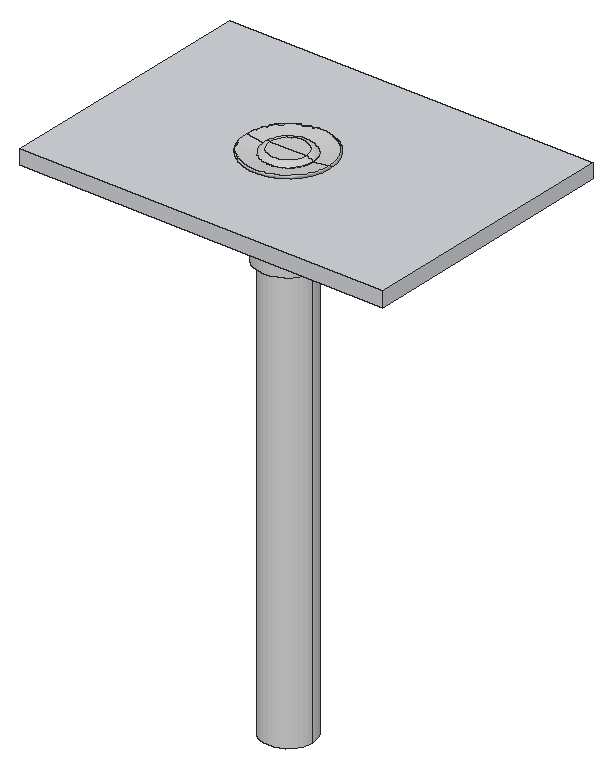
Revit family "23-DESAGUE PUSH PLAST CON REBOSE", category Aparatos sanitarios, Revit 2018
Family settings
  Anfitrión = Cara
  Cota de conector redondo = Diámetro de uso
  Tipo de pieza = Normal
  Número OmniClass = 23.45.55.21
  Título OmniClass = Drains (Wastes)
  Corte con vacíos al cargar = No
  Compartido = No
  Punto de cálculo de habitación = No
Parameters
  Vida útil unidad = ""
  Vida útil = ""
  URL = ""
  Tráfico = "Residencial"
  Tipo de Activo = "Fijo"
  Tamaño = "55 x 31 x 345"
  Responsable Garantías Partes = "www.corona.com.co"
  Requerimientos Accesibilidad = "Manual"
  Presión mínima = ""
  Presión Máxima = ""
  Número Modelo = "935415551"
  Nombre del Fabricante = "Corona"
  Nombre = "Desagüe largo con rebose"
  Model = ""
  Material de Fabricación = "Plástico"
  Material Acabado = Cromo-Corona
  Logitud Nominal = 55
  Información del producto = "https://www.grival.com/soluciones-para-agua/desagues-y-sifones/desagues-con-rebose/desague-push-plastico-con-rebose/"
  Forma = "Cilíndrica"
  Fabricante = "www.corona.com.co"
  Default Elevation = 0 mm
  Diámetro de conexión entrada = ""
  Diámetro de conexión Sanitaria = 0 mm
  Descripción IFC = "Desagüe largo plástico con rebose"
  Descripción = "Plumbing Fixtures"
  Código de montaje = "D2010"
  Cumplimiento de Norma = ""
  Consumo de agua = ""
  Color = "Cromo"
  Caudal = ""
  Características = "Permite drenar rápidamente el agua. fácil instalación y mantenimiento, resistente a la corrosión"
  Ancho Nominal = 31
  Altura Nominal = 345
  Acabado = "Brillante"
Reference planes
  plane 1 "Center (Front/Back)": y = 0
  plane 2: z = 0
  plane 3 "Center (Left/Right)": x = 0
  plane 4: x = 0
  plane 5 "conexiones": z = -344.908
Forms (mm)
  Extrusion 1, solid
    sketch origin (0, 0, 0) x (1, 0, 0) y (0, 1, 0)
      loop
        line (-110.723, 90) -> (-110.723, -83.811) -> (129.852, -83.811) -> (129.852, 90) -> (-110.723, 90)
    from 0 to -9.713
  Revolve 2, solid, material "Cromo-Corona", detail levels medium+fine
    sketch origin (0, 0, 0) x (1, 0, 0) y (0, 0, 1)
      loop
        line (-27.349, -0.102) -> (-21.408, -1.694)
        arc (-21.408, -1.694) -> (-20.534, -2.237) -> (-20.107, -3.172) r 1.776
        line (-20.107, -3.172) -> (-20.107, -63.172) -> (-16.29, -64.808) -> (-16.29, -344.908) -> (0, -344.908) -> (0, 2.176) -> (-12.068, 2.176)
        arc (-12.068, 2.176) -> (-14.443, 1.6) -> (-16.29, 0) r 5.183
        line (-16.29, 0) -> (-27.429, 1.566)
        arc (-27.429, 1.566) -> (-27.998, 0.702) -> (-27.349, -0.102) r 0.877
      axis (0, 2.176) -> (0, -344.908)
    angle from 0 to 360
  Revolve 3, solid, material "Caucho Corona", detail levels medium+fine
    sketch origin (0, 0, -5.625) x (1, 0, 0) y (0, 0, 1)
      loop
        arc (-20.083, -18.098) -> (-23.908, -19.165) -> (-26.169, -22.429) r 5.847
        arc (-26.169, -22.429) -> (-26.421, -23.036) -> (-27.028, -23.287) r 0.859
        line (-27.028, -23.287) -> (-30.083, -23.287) -> (-30.083, -26.721) -> (-20.083, -26.721) -> (-20.083, -18.098)
      axis (0, -18.098) -> (0, -26.721)
    angle from 0 to 360
  Revolve 4, solid, material "Caucho Corona", detail levels medium+fine
    sketch origin (0, 0, 6.875) x (1, 0, 0) y (0, 0, 1)
      loop
        line (-20.148, -11.359) -> (-28.272, -11.359) -> (-28.272, -14.437) -> (-20.148, -14.437) -> (-20.148, -11.359)
      axis (0, -11.359) -> (0, -14.437)
    angle from 0 to 360
  Revolve 5, solid, material "Cromo-Corona", detail levels medium+fine
    sketch origin (0, 0, 0) x (1, 0, 0) y (0, 0, 1)
      loop
        line (-20.112, -33.175) -> (-29.247, -33.175)
        arc (-29.247, -33.175) -> (-31.925, -35.853) -> (-29.247, -38.531) r 2.678
        line (-29.247, -38.531) -> (-24.204, -38.531) -> (-24.204, -46.783)
        arc (-24.204, -46.783) -> (-23.549, -48.363) -> (-21.969, -49.018) r 2.235
        line (-21.969, -49.018) -> (-20.112, -49.018) -> (-20.112, -33.175)
      axis (0, -33.175) -> (0, -49.018)
    angle from 0 to 360
  Extrusion 6, solid, material "Cromo-Corona", detail levels medium+fine
    sketch origin (0, 0, 0) x (1, 0, 0) y (0, 0, 1)
      loop
        line (-27.809, -38.587) -> (-27.809, -42.853)
        arc (-27.809, -42.853) -> (-26.753, -45.401) -> (-24.205, -46.457) r 3.604
        line (-24.205, -46.457) -> (-24.205, -38.587) -> (-27.809, -38.587)
    from -2.748 to 2.764
  Extrusion 7, solid, material "Cromo-Corona", detail levels medium+fine
    sketch origin (0, 0, 0) x (-1, 0, 0) y (0, 0, -1)
      loop
        line (-27.809, 38.587) -> (-24.205, 38.587) -> (-24.205, 46.457)
        arc (-24.205, 46.457) -> (-26.753, 45.401) -> (-27.809, 42.853) r 3.604
        line (-27.809, 42.853) -> (-27.809, 38.587)
    from -2.748 to 2.764
  Extrusion 8, solid, material "Cromo-Corona", detail levels medium+fine
    sketch origin (0, 0, 0) x (0, -1, 0) y (0, 0, 1)
      loop
        line (-27.809, -38.587) -> (-27.809, -42.853)
        arc (-27.809, -42.853) -> (-26.753, -45.401) -> (-24.205, -46.457) r 3.604
        line (-24.205, -46.457) -> (-24.205, -38.587) -> (-27.809, -38.587)
    from -2.748 to 2.764
  Extrusion 9, solid, material "Cromo-Corona", detail levels medium+fine
    sketch origin (0, 0, 0) x (0, 1, 0) y (0, 0, -1)
      loop
        line (-27.809, 38.587) -> (-24.205, 38.587) -> (-24.205, 46.457)
        arc (-24.205, 46.457) -> (-26.753, 45.401) -> (-27.809, 42.853) r 3.604
        line (-27.809, 42.853) -> (-27.809, 38.587)
    from -2.748 to 2.764
  Extrusion 10, solid, material "Cromo-Corona", detail levels medium+fine
    sketch origin (0, 0, 0) x (-0.707107, -0.707107, 0) y (0, 0, 1)
      loop
        line (-27.809, -38.587) -> (-27.809, -42.853)
        arc (-27.809, -42.853) -> (-26.753, -45.401) -> (-24.205, -46.457) r 3.604
        line (-24.205, -46.457) -> (-24.205, -38.587) -> (-27.809, -38.587)
    from -2.748 to 2.764
  Extrusion 11, solid, material "Cromo-Corona", detail levels medium+fine
    sketch origin (0, 0, 0) x (-0.707107, 0.707107, 0) y (0, 0, -1)
      loop
        line (-27.809, 38.587) -> (-24.205, 38.587) -> (-24.205, 46.457)
        arc (-24.205, 46.457) -> (-26.753, 45.401) -> (-27.809, 42.853) r 3.604
        line (-27.809, 42.853) -> (-27.809, 38.587)
    from -2.748 to 2.764
  Extrusion 12, solid, material "Cromo-Corona", detail levels medium+fine
    sketch origin (0, 0, 0) x (0.707107, -0.707107, 0) y (0, 0, -1)
      loop
        line (-27.809, 38.587) -> (-24.205, 38.587) -> (-24.205, 46.457)
        arc (-24.205, 46.457) -> (-26.753, 45.401) -> (-27.809, 42.853) r 3.604
        line (-27.809, 42.853) -> (-27.809, 38.587)
    from -2.748 to 2.764
  Extrusion 13, solid, material "Cromo-Corona", detail levels medium+fine
    sketch origin (0, 0, 0) x (0.707107, 0.707107, 0) y (0, 0, 1)
      loop
        line (-27.809, -38.587) -> (-27.809, -42.853)
        arc (-27.809, -42.853) -> (-26.753, -45.401) -> (-24.205, -46.457) r 3.604
        line (-24.205, -46.457) -> (-24.205, -38.587) -> (-27.809, -38.587)
    from -2.748 to 2.764
  Extrusion 14, solid, material "Vidrio", detail levels coarse
    sketch origin (0, 0, 37.442) x (-1, 0, 0) y (0, -1, 0)
      loop
        circle (0, 0) r 28.309
    from -382.35 to -35.351
  Extrusion 15, void
    sketch origin (0, 0, 0) x (1, 0, 0) y (0, 0, 1)
      loop
        line (-10.672, -11.778) -> (-10.672, -20.282) -> (10.292, -20.282) -> (10.292, -11.778) -> (-10.672, -11.778)
    from -24.464 to 24.205
Cuts and joins
  Extrusion 15 cuts Revolve 2
  Extrusion 15 cuts Extrusion 14
Lines and regions (mm)
  symbolic lines, not visible, detail levels fine
    curve 1: line (123.544, -93.571, 0) -> (117.5, -93.571, 0)
    curve 2: line (123.544, -78.861, 0) -> (117.5, -78.861, 0)
    curve 3: line (43.732, -73.023, 0) -> (48.933, -72.601, 0)
    curve 4: line (48.933, -99.831, 0) -> (43.732, -99.408, 0)
    curve 5: line (47.354, -71.693, 0) -> (130.699, -79.4, 0)
    curve 6: line (130.699, -93.032, 0) -> (47.354, -100.738, 0)
    curve 7: line (28.059, -67.475, 0) -> (43.538, -70.417, 0)
    curve 8: line (43.538, -102.014, 0) -> (28.059, -104.957, 0)
    curve 9: line (123.544, -93.571, 0) -> (126.243, -93.181, 0)
    curve 10: line (126.243, -79.251, 0) -> (123.544, -78.861, 0)
    curve 11: line (39.082, -98.159, 0) -> (39.082, -74.273, 0)
    curve 12: line (43.151, -70.344, 0) -> (43.151, -102.088, 0)
    curve 13: line (35.587, -86.216, 0) -> (65.659, -86.216, 0)
    curve 14: line (65.659, -86.216, 0) -> (35.587, -86.216, 0)
    curve 15: line (43.732, -73.023, 0) -> (43.732, -99.408, 0)
    curve 16: line (133.805, -86.216, 0) -> (127.594, -86.216, 0)
    curve 17: line (127.594, -86.216, 0) -> (133.805, -86.216, 0)
    curve 18: line (28.059, -67.475, 0) -> (28.059, -104.957, 0)
    curve 19: line (48.933, -99.831, 0) -> (48.933, -72.601, 0)
  symbolic lines, not visible, detail levels medium
    curve 20: line (43.151, -15.872, 0) -> (43.151, 15.872, 0)
    curve 21: line (43.538, 15.798, 0) -> (47.354, 14.522, 0)
    curve 22: line (47.354, 14.522, 0) -> (117.5, 7.355, 0)
    curve 23: line (117.5, 7.355, 0) -> (123.544, 7.355, 0)
    curve 24: line (123.544, 7.355, 0) -> (126.243, 6.965, 0)
    curve 25: line (126.243, 6.965, 0) -> (130.699, 6.816, 0)
    curve 26: line (130.699, 6.816, 0) -> (130.699, -6.816, 0)
    curve 27: line (130.699, -6.816, 0) -> (126.243, -6.965, 0)
    curve 28: line (126.243, -6.965, 0) -> (123.544, -7.355, 0)
    curve 29: line (123.544, -7.355, 0) -> (117.5, -7.355, 0)
    curve 30: line (117.5, -7.355, 0) -> (47.354, -14.522, 0)
    curve 31: line (47.354, -14.522, 0) -> (43.538, -15.798, 0)
  symbolic lines, not visible, detail levels coarse
    curve 32: line (0, 68.042, 0) -> (133.805, 68.042, 0)
    curve 33: line (133.805, 68.042, 0) -> (133.805, 117.031, 0)
    curve 34: line (133.805, 117.031, 0) -> (0, 117.031, 0)
    curve 35: line (0, 117.031, 0) -> (0, 68.042, 0)
  symbolic lines, detail levels coarse
    curve 36: line (0, 24.464, 0) -> (0, -21.713, 0)
    curve 37: line (23.213, 0, 0) -> (-23.29, 0, 0)
    curve 38: line (0, -93.204, 0) -> (0, 23.444, 0)
    curve 108: line (0, 31.722, 2.141) -> (0, -32.005, 2.141)
    curve 109: line (0, -32.005, 2.141) -> (0, -32.005, -344.908)
    curve 110: line (0, -32.005, -344.908) -> (0, 31.722, -344.908)
    curve 111: line (0, 31.722, -344.908) -> (0, 31.722, 2.141)
    curve 112: line (16.29, 0, -344.908) -> (-16.29, 0, -344.908)
    curve 113: line (-16.29, 0, -344.908) -> (-16.29, 0, -64.808)
    curve 114: line (-16.29, 0, -64.808) -> (-20.107, 0, -63.172)
    curve 140: line (16.29, 0, -344.908) -> (16.29, 0, -64.808)
    curve 141: line (16.29, 0, -64.808) -> (20.107, 0, -63.172)
    curve 173: line (-31.983, 0, 2.974) -> (31.983, 0, 2.974)
    curve 174: line (-31.983, 0, -344.908) -> (-31.983, 0, 2.974)
    curve 175: line (31.983, 0, -344.908) -> (-31.983, 0, -344.908)
    curve 176: line (31.983, 0, 2.974) -> (31.983, 0, -344.908)
  symbolic lines, detail levels medium+fine
    curve 39: spline (18.376, -15.399, 37.442) -> (18.46, -15.485, 37.442) -> (18.528, -15.742, 37.442) -> (18.578, -16.164, 37.442) -> (18.609, -16.739, 37.442) -> (18.62, -17.453, 37.442) -> (18.61, -18.288, 37.442) -> (18.581, -19.222, 37.442) -> (18.533, -20.231, 37.442) -> (18.466, -21.29, 37.442) -> (18.383, -22.371, 37.442) -> (18.286, -23.446, 37.442) -> (18.178, -24.489, 37.442)
    curve 40: arc (-20.141, 18.228, 37.442) -> (-18.367, 20.198, 37.442) -> (-16.4, 21.977, 37.442) r 25.944
    curve 41: arc (16.4, 21.977, 37.442) -> (18.323, 20.242, 37.442) -> (20.064, 18.323, 37.442) r 25.944
    curve 42: arc (20.064, -14.573, 37.442) -> (18.323, -16.492, 37.442) -> (16.4, -18.227, 37.442) r 25.944
    curve 43: line (0, -16.29, -344.908) -> (0, 16.29, -344.908)
    curve 44: line (0, 16.29, -344.908) -> (0, 16.29, -64.808)
    curve 45: line (0, 16.29, -64.808) -> (0, 20.107, -63.172)
    curve 46: line (0, 20.107, -63.172) -> (0, 20.107, -49.018)
    curve 47: line (0, 20.107, -49.018) -> (0, 22.332, -49.018)
    curve 48: arc (0, 22.332, -49.018) -> (0, 23.919, -48.213) -> (0, 24.205, -46.457) r 1.965
    curve 49: arc (0, 24.205, -46.457) -> (0, 26.753, -45.401) -> (0, 27.809, -42.853) r 3.604
    curve 50: line (0, 27.809, -42.853) -> (0, 27.809, -38.587)
    curve 51: line (0, 27.809, -38.587) -> (0, 29.548, -38.587)
    curve 52: arc (0, 29.548, -38.587) -> (0, 31.722, -35.848) -> (0, 29.548, -33.108) r 2.813
    curve 53: line (0, 29.548, -33.108) -> (0, 20.084, -33.108)
    curve 54: line (0, 20.084, -33.108) -> (0, 20.084, -32.346)
    curve 55: line (0, 20.084, -32.346) -> (0, 30.084, -32.346)
    curve 56: line (0, 30.084, -32.346) -> (0, 30.084, -28.925)
    curve 57: line (0, 30.084, -28.925) -> (0, 27.005, -28.925)
    curve 58: arc (0, 27.005, -28.925) -> (0, 26.389, -28.67) -> (0, 26.134, -28.054) r 0.871
    curve 59: arc (0, 26.134, -28.054) -> (0, 24.066, -24.929) -> (0, 20.534, -23.679) r 5.904
    curve 60: line (0, 20.534, -23.679) -> (0, 20.534, -7.718)
    curve 61: line (0, 20.534, -7.718) -> (0, 28.286, -7.718)
    curve 62: line (0, 28.286, -7.718) -> (0, 28.286, -4.679)
    curve 63: line (0, 28.286, -4.679) -> (0, 20.182, -4.679)
    curve 64: line (0, 20.182, -4.679) -> (0, 20.182, -3.172)
    curve 65: arc (0, 20.182, -3.172) -> (0, 20.653, -2.034) -> (0, 21.791, -1.562) r 1.61
    curve 66: line (0, 21.791, -1.562) -> (0, 27.623, 0)
    curve 67: arc (0, 27.623, 0) -> (0, 27.979, 0.839) -> (0, 27.429, 1.566) r 0.909
    curve 68: line (0, 27.429, 1.566) -> (0, 14.514, 1.566)
    curve 69: arc (0, 14.514, 1.566) -> (0, 13.48, 2.007) -> (0, 12.365, 2.141) r 3.968
    curve 70: line (0, 12.365, 2.141) -> (0, 0, 2.141)
    curve 71: line (0, -16.29, -344.908) -> (0, -16.29, -64.808)
    curve 72: line (0, -16.29, -64.808) -> (0, -20.107, -63.172)
    curve 73: line (0, -20.107, -63.172) -> (0, -20.107, -49.018)
    curve 74: line (0, -20.107, -49.018) -> (0, -22.332, -49.018)
    curve 75: arc (0, -22.332, -49.018) -> (0, -23.919, -48.213) -> (0, -24.205, -46.457) r 1.965
    curve 76: arc (0, -24.205, -46.457) -> (0, -26.753, -45.401) -> (0, -27.809, -42.853) r 3.604
    curve 77: line (0, -27.809, -42.853) -> (0, -27.809, -38.587)
    curve 78: line (0, -27.809, -38.587) -> (0, -29.548, -38.587)
    curve 79: arc (0, -29.548, -38.587) -> (0, -31.722, -35.848) -> (0, -29.548, -33.108) r 2.813
    curve 80: line (0, -29.548, -33.108) -> (0, -20.084, -33.108)
    curve 81: line (0, -20.084, -33.108) -> (0, -20.084, -32.346)
    curve 82: line (0, -20.084, -32.346) -> (0, -30.084, -32.346)
    curve 83: line (0, -30.084, -32.346) -> (0, -30.084, -28.925)
    curve 84: line (0, -30.084, -28.925) -> (0, -27.005, -28.925)
    curve 85: arc (0, -27.005, -28.925) -> (0, -26.389, -28.67) -> (0, -26.134, -28.054) r 0.871
    curve 86: arc (0, -26.134, -28.054) -> (0, -24.066, -24.929) -> (0, -20.534, -23.679) r 5.904
    curve 87: line (0, -20.534, -23.679) -> (0, -20.534, -7.718)
    curve 88: line (0, -20.534, -7.718) -> (0, -28.286, -7.718)
    curve 89: line (0, -28.286, -7.718) -> (0, -28.286, -4.679)
    curve 90: line (0, -28.286, -4.679) -> (0, -20.182, -4.679)
    curve 91: line (0, -20.182, -4.679) -> (0, -20.182, -3.172)
    curve 92: arc (0, -20.182, -3.172) -> (0, -20.653, -2.034) -> (0, -21.791, -1.562) r 1.61
    curve 93: line (0, -21.791, -1.562) -> (0, -27.623, 0)
    curve 94: arc (0, -27.623, 0) -> (0, -27.979, 0.839) -> (0, -27.429, 1.566) r 0.909
    curve 95: line (0, -27.429, 1.566) -> (0, -14.514, 1.566)
    curve 96: arc (0, -14.514, 1.566) -> (0, -13.48, 2.007) -> (0, -12.365, 2.141) r 3.968
    curve 97: line (0, -12.365, 2.141) -> (0, 0, 2.141)
    curve 98: line (0, 16.29, -64.808) -> (0, -16.29, -64.808)
    curve 99: line (0, -20.107, -49.018) -> (0, 20.107, -49.018)
    curve 100: line (0, -20.084, -33.108) -> (0, 20.084, -33.108)
    curve 101: line (0, -20.084, -32.346) -> (0, 20.084, -32.346)
    curve 102: line (0, -20.534, -23.679) -> (0, 20.534, -23.679)
    curve 103: line (0, 20.534, -7.718) -> (0, -20.534, -7.718)
    curve 104: line (0, -20.182, -4.679) -> (0, 20.182, -4.679)
    curve 105: line (0, 27.623, 0) -> (0, -27.623, 0)
    curve 106: line (0, 27.809, -38.587) -> (0, -27.809, -38.587)
    curve 107: line (0, -24.205, -46.457) -> (0, 24.205, -46.457)
    curve 115: line (-20.107, 0, -63.172) -> (-20.107, 0, -49.021)
    curve 116: line (-20.107, 0, -49.021) -> (-22.059, 0, -49.021)
    curve 117: arc (-22.059, 0, -49.021) -> (-23.731, 0, -48.24) -> (-24.205, 0, -46.457) r 2.18
    curve 118: arc (-24.205, 0, -46.457) -> (-26.753, 0, -45.401) -> (-27.809, 0, -42.853) r 3.604
    curve 119: line (-27.809, 0, -38.587) -> (-27.809, 0, -42.853)
    curve 120: line (-27.809, 0, -38.587) -> (-29.483, 0, -38.587)
    curve 121: arc (-29.483, 0, -38.587) -> (-32.193, 0, -35.877) -> (-29.483, 0, -33.168) r 2.71
    curve 122: line (-29.483, 0, -33.168) -> (20.074, 0, -33.168)
    curve 123: line (-20.074, 0, -33.168) -> (-20.074, 0, -32.317)
    curve 124: line (-20.074, 0, -32.317) -> (-30.074, 0, -32.317)
    curve 125: line (-30.074, 0, -32.317) -> (-30.074, 0, -28.92)
    curve 126: line (-30.074, 0, -28.92) -> (-26.941, 0, -28.92)
    curve 127: arc (-26.941, 0, -28.92) -> (-26.329, 0, -28.666) -> (-26.075, 0, -28.054) r 0.866
    curve 128: arc (-26.075, 0, -28.054) -> (-24.055, 0, -24.926) -> (-20.531, 0, -23.722) r 5.68
    curve 129: line (-20.531, 0, -23.722) -> (-20.531, 0, -7.562)
    curve 130: line (-20.531, 0, -7.562) -> (-28.272, 0, -7.562)
    curve 131: line (-28.272, 0, -7.562) -> (-28.272, 0, -4.484)
    curve 132: line (-28.272, 0, -4.484) -> (28.272, 0, -4.484)
    curve 133: line (-20.148, 0, -4.484) -> (-20.148, 0, -3.098)
    curve 134: arc (-20.148, 0, -3.098) -> (-20.494, 0, -2.172) -> (-21.364, 0, -1.7) r 1.412
    curve 135: line (-21.364, 0, -1.7) -> (-27.413, 0, -0.079)
    curve 136: arc (-27.413, 0, -0.079) -> (-28.042, 0, 0.741) -> (-27.413, 0, 1.561) r 0.849
    curve 137: line (-27.413, 0, 1.561) -> (-14.498, 0, 1.561)
    curve 138: arc (-14.498, 0, 1.561) -> (-13.391, 0, 2.034) -> (-12.195, 0, 2.178) r 4.254
    curve 139: line (-12.195, 0, 2.178) -> (0, 0, 2.178)
    curve 142: line (20.107, 0, -63.172) -> (20.107, 0, -49.021)
    curve 143: line (20.107, 0, -49.021) -> (22.059, 0, -49.021)
    curve 144: arc (22.059, 0, -49.021) -> (23.731, 0, -48.24) -> (24.205, 0, -46.457) r 2.18
    curve 145: arc (24.205, 0, -46.457) -> (26.753, 0, -45.401) -> (27.809, 0, -42.853) r 3.604
    curve 146: line (27.809, 0, -38.587) -> (27.809, 0, -42.853)
    curve 147: line (27.809, 0, -38.587) -> (29.483, 0, -38.587)
    curve 148: arc (29.483, 0, -38.587) -> (32.193, 0, -35.877) -> (29.483, 0, -33.168) r 2.71
    curve 149: line (29.483, 0, -33.168) -> (20.074, 0, -33.168)
    curve 150: line (20.074, 0, -33.168) -> (20.074, 0, -32.317)
    curve 151: line (20.074, 0, -32.317) -> (30.074, 0, -32.317)
    curve 152: line (30.074, 0, -32.317) -> (30.074, 0, -28.92)
    curve 153: line (30.074, 0, -28.92) -> (26.941, 0, -28.92)
    curve 154: arc (26.941, 0, -28.92) -> (26.329, 0, -28.666) -> (26.075, 0, -28.054) r 0.866
    curve 155: arc (26.075, 0, -28.054) -> (24.055, 0, -24.926) -> (20.531, 0, -23.722) r 5.68
    curve 156: line (20.531, 0, -23.722) -> (20.531, 0, -7.562)
    curve 157: line (-20.531, 0, -7.562) -> (28.272, 0, -7.562)
    curve 158: line (28.272, 0, -7.562) -> (28.272, 0, -4.484)
    curve 159: line (20.148, 0, -4.484) -> (20.148, 0, -3.098)
    curve 160: arc (20.148, 0, -3.098) -> (20.494, 0, -2.172) -> (21.364, 0, -1.7) r 1.412
    curve 161: line (21.364, 0, -1.7) -> (27.413, 0, -0.079)
    curve 162: arc (27.413, 0, -0.079) -> (28.042, 0, 0.741) -> (27.413, 0, 1.561) r 0.849
    curve 163: line (27.413, 0, 1.561) -> (14.498, 0, 1.561)
    curve 164: arc (14.498, 0, 1.561) -> (13.391, 0, 2.034) -> (12.195, 0, 2.178) r 4.254
    curve 165: line (12.195, 0, 2.178) -> (0, 0, 2.178)
    curve 166: line (20.531, 0, -23.722) -> (-20.531, 0, -23.722)
    curve 167: line (20.074, 0, -32.317) -> (-20.074, 0, -32.317)
    curve 168: line (27.809, 0, -38.587) -> (-27.809, 0, -38.587)
    curve 169: line (-24.205, 0, -46.457) -> (24.205, 0, -46.457)
    curve 170: line (20.107, 0, -49.021) -> (-20.107, 0, -49.021)
    curve 171: line (-20.107, 0, -63.172) -> (20.107, 0, -63.172)
    curve 172: line (16.29, 0, -64.808) -> (-16.29, 0, -64.808)
    curve 178: circle (0, 0, 37.442) r 16.29 normal (0, 0, -1)
    curve 179: line (10.292, 0, -20.282) -> (10.292, 0, -11.778)
    curve 180: line (10.292, 0, -11.778) -> (-10.672, 0, -11.778)
    curve 181: line (-10.672, 0, -11.778) -> (-10.672, 0, -20.282)
    curve 182: line (-10.672, 0, -20.282) -> (10.292, 0, -20.282)
  symbolic lines
    curve 177: circle (0, 0, 37.442) r 28.309 normal (0, 0, -1)
Dimensions and locks
  aligned and locked: plane 2 to Extrusion 1
  aligned and locked: level to Extrusion 1
Connectors
  piping at (0, 0, -344.908), diameter 31.8
    settings: index 1, connector inside diameter 24", connector length 0 mm, flow factor 0, pipe flow 0 GPM, pressure drop 0.00 psi, fitting loss kfactor 0, connector angle 0.00°, fixture units 0, engagement length 0 mm, angle of deflection 0.00°, flow configuration 0, flow direction 2, fitting loss method 0, system type 16, joint type 0, gender type 0, connector reference index -1, connector utility 0, adjustable connector no, is connector primary yes, connector description ""
